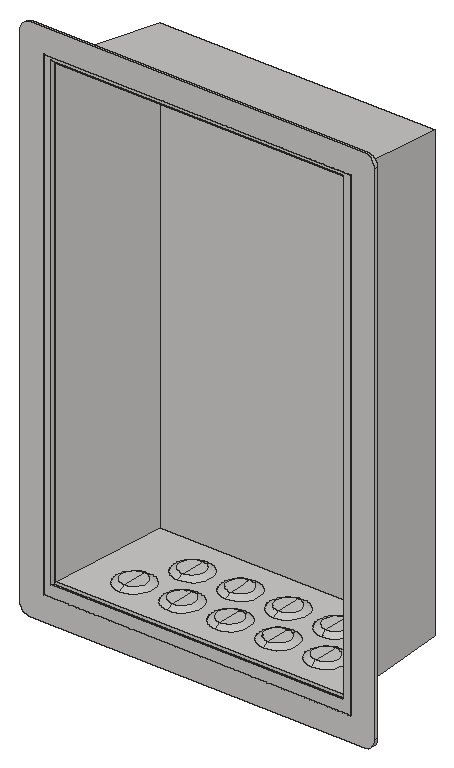
Revit family "rba-bim-rba8133-102", category Plumbing Fixtures, Revit 2018
Family settings
  Round Connector Dimension = Use Diameter
  Part Type = Normal
  Work Plane-Based = No
  Always vertical = Yes
  Cut with Voids When Loaded = No
  Shared = Yes
  Room Calculation Point = No
Parameters (values of type "RBA8133-102")
  URL = "www.rba.com.au"
  Specifier = "RBA Group"  # constant formula
  Phone Number = ""
  Modified Issue = "20211130.01"
  Mirror Background = Paint - Bobrick - Black
  Materials and Finishes = 1.5mm #304 Stainless Steel Satin Finish
  Glass Material = Glass Mirror - Bobrick
  Model = "RBA8133-102"
  Manufacturer = "RBA Group"  # constant formula
  Description = "Ligature Resistant Shower Recess"
  Copyright by = "RBA Group"  # constant formula
Reference planes
  plane 1 "Center (Front/Back)": y = 0
  plane 2: z = 0
  plane 3 "Center (Left/Right)": x = 0
Forms (mm)
  Extrusion 1, solid, material "1.5mm #304 Stainless Steel Satin Finish" <- "Materials and Finishes"
    sketch origin (0, 0, 0) x (1, 0, 0) y (0, 0, 1)
      loop
        line (94, 300) -> (-94, 300)
        arc (-94, 300) -> (-98.243, 298.243) -> (-100, 294) r 6
        line (-100, 294) -> (-100, 6)
        arc (-100, 6) -> (-98.243, 1.757) -> (-94, 0) r 6
        line (-94, 0) -> (94, 0)
        arc (94, 0) -> (98.243, 1.757) -> (100, 6) r 6
        line (100, 6) -> (100, 294)
        arc (100, 294) -> (98.243, 298.243) -> (94, 300) r 6
      loop
        line (86.5, 286.5) -> (-86.5, 286.5) -> (-86.5, 13.5) -> (86.5, 13.5) -> (86.5, 286.5)
    from -1.5 to 0
  SweptBlend 2, solid, material "1.5mm #304 Stainless Steel Satin Finish" <- "Materials and Finishes"
    path origin (0, -68.4, -242.5) x (0, -1, 0) y (1, 0, 0)
      loop
        line (-70, -0.04) -> (-138.4, -0.04)
    profile origin (-0.04, 1.6, -242.5) x (-1, 0, 0) y (0, 0, 1)
      loop
        line (82.5, 527.5) -> (-82.5, 527.5) -> (-82.5, 262.5) -> (82.5, 262.5) -> (82.5, 527.5)
    end profile origin (-0.04, 70, -242.5) x (-1, 0, 0) y (0, 0, 1)
      loop
        line (77.46, 262.5) -> (77.46, 517.5) -> (-77.54, 517.5) -> (-77.54, 262.5) -> (77.46, 262.5)
  Blend 3, void
    base sketch origin (0, 0, 0) x (1, 0, 0) y (0, 0, 1)
      loop
        line (-81.04, 21.3) -> (80.96, 21.3) -> (80.96, 283.5) -> (-81.04, 283.5) -> (-81.04, 21.3)
    top sketch origin (0, 0, 0) x (1, 0, 0) y (0, 0, 1)
      loop
        line (-76.1, 21.3) -> (76.1, 21.3) -> (76.1, 273.5) -> (-76.1, 273.5) -> (-76.1, 21.3)
    from -1.6 to -68.5
  Extrusion 4, solid, material "1.5mm #304 Stainless Steel Satin Finish" <- "Materials and Finishes"
    sketch origin (0, 0, 0) x (1, 0, 0) y (0, 0, 1)
      loop
        line (-86.5, 286.5) -> (-86.5, 13.5) -> (86.5, 13.5) -> (86.5, 286.5) -> (-86.5, 286.5)
      loop
        line (-82.54, 285) -> (-82.54, 20) -> (82.46, 20) -> (82.46, 285) -> (-82.54, 285)
    from 0 to -1.6
  Revolve 5, solid, material "1.5mm #304 Stainless Steel Satin Finish" <- "Materials and Finishes"
    sketch origin (0, -9.513, 6.903) x (0, 1, 0) y (0, 0, 1)
      loop
        line (25.513, 16.097) -> (22.113, 14.397) -> (21.113, 14.397) -> (21.113, 13.097) -> (22.513, 13.097) -> (25.513, 14.597) -> (32.513, 14.597) -> (32.513, 16.097) -> (25.513, 16.097)
      axis (32.513, 13.097) -> (32.513, 16.097)
    angle from 0 to 360
  Revolve 6, solid, material "1.5mm #304 Stainless Steel Satin Finish" <- "Materials and Finishes"
    sketch origin (40.5, 14.487, 6.903) x (0, 1, 0) y (0, 0, 1)
      loop
        line (25.513, 16.097) -> (22.113, 14.397) -> (21.113, 14.397) -> (21.113, 13.097) -> (22.513, 13.097) -> (25.513, 14.597) -> (32.513, 14.597) -> (32.513, 16.097) -> (25.513, 16.097)
      axis (32.513, 13.097) -> (32.513, 16.097)
    angle from 0 to 360
  Revolve 7, solid, material "1.5mm #304 Stainless Steel Satin Finish" <- "Materials and Finishes"
    sketch origin (27, -9.513, 6.903) x (0, 1, 0) y (0, 0, 1)
      loop
        line (25.513, 16.097) -> (22.113, 14.397) -> (21.113, 14.397) -> (21.113, 13.097) -> (22.513, 13.097) -> (25.513, 14.597) -> (32.513, 14.597) -> (32.513, 16.097) -> (25.513, 16.097)
      axis (32.513, 13.097) -> (32.513, 16.097)
    angle from 0 to 360
  Revolve 8, solid, material "1.5mm #304 Stainless Steel Satin Finish" <- "Materials and Finishes"
    sketch origin (54, -9.513, 6.903) x (0, 1, 0) y (0, 0, 1)
      loop
        line (25.513, 16.097) -> (22.113, 14.397) -> (21.113, 14.397) -> (21.113, 13.097) -> (22.513, 13.097) -> (25.513, 14.597) -> (32.513, 14.597) -> (32.513, 16.097) -> (25.513, 16.097)
      axis (32.513, 13.097) -> (32.513, 16.097)
    angle from 0 to 360
  Revolve 9, solid, material "1.5mm #304 Stainless Steel Satin Finish" <- "Materials and Finishes"
    sketch origin (-27, -9.513, 6.903) x (0, 1, 0) y (0, 0, -1)
      loop
        line (25.513, -16.097) -> (32.513, -16.097) -> (32.513, -14.597) -> (25.513, -14.597) -> (22.513, -13.097) -> (21.113, -13.097) -> (21.113, -14.397) -> (22.113, -14.397) -> (25.513, -16.097)
      axis (32.513, -13.097) -> (32.513, -16.097)
    angle from 0 to 360
  Revolve 10, solid, material "1.5mm #304 Stainless Steel Satin Finish" <- "Materials and Finishes"
    sketch origin (-54, -9.513, 6.903) x (0, 1, 0) y (0, 0, -1)
      loop
        line (25.513, -16.097) -> (32.513, -16.097) -> (32.513, -14.597) -> (25.513, -14.597) -> (22.513, -13.097) -> (21.113, -13.097) -> (21.113, -14.397) -> (22.113, -14.397) -> (25.513, -16.097)
      axis (32.513, -13.097) -> (32.513, -16.097)
    angle from 0 to 360
  Revolve 11, solid, material "1.5mm #304 Stainless Steel Satin Finish" <- "Materials and Finishes"
    sketch origin (13.5, 14.487, 6.903) x (0, 1, 0) y (0, 0, 1)
      loop
        line (25.513, 16.097) -> (22.113, 14.397) -> (21.113, 14.397) -> (21.113, 13.097) -> (22.513, 13.097) -> (25.513, 14.597) -> (32.513, 14.597) -> (32.513, 16.097) -> (25.513, 16.097)
      axis (32.513, 13.097) -> (32.513, 16.097)
    angle from 0 to 360
  Revolve 12, solid, material "1.5mm #304 Stainless Steel Satin Finish" <- "Materials and Finishes"
    sketch origin (-40.5, 14.487, 6.903) x (0, 1, 0) y (0, 0, -1)
      loop
        line (25.513, -16.097) -> (32.513, -16.097) -> (32.513, -14.597) -> (25.513, -14.597) -> (22.513, -13.097) -> (21.113, -13.097) -> (21.113, -14.397) -> (22.113, -14.397) -> (25.513, -16.097)
      axis (32.513, -13.097) -> (32.513, -16.097)
    angle from 0 to 360
  Revolve 13, solid, material "1.5mm #304 Stainless Steel Satin Finish" <- "Materials and Finishes"
    sketch origin (-13.5, 14.487, 6.903) x (0, 1, 0) y (0, 0, -1)
      loop
        line (25.513, -16.097) -> (32.513, -16.097) -> (32.513, -14.597) -> (25.513, -14.597) -> (22.513, -13.097) -> (21.113, -13.097) -> (21.113, -14.397) -> (22.113, -14.397) -> (25.513, -16.097)
      axis (32.513, -13.097) -> (32.513, -16.097)
    angle from 0 to 360
Cuts and joins
  Blend 3 cuts Extrusion 1
  Blend 3 cuts SweptBlend 2
  joined: SweptBlend 2, Revolve 5, Revolve 6, Revolve 7, Revolve 8, Revolve 9, Revolve 10, Revolve 11, Revolve 12, Revolve 13
Dimensions and locks
  Blend 3 sketch curve to Blend 3 sketch curve = 252.200 mm
